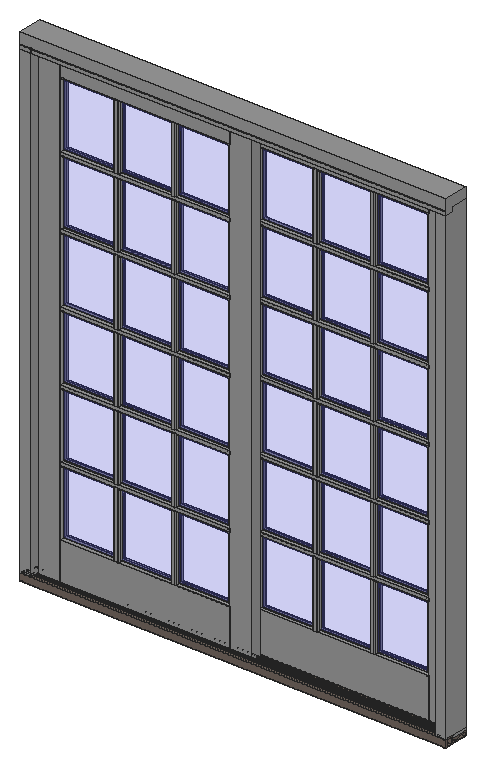
Revit family "VSDA1.8SP RH", category Doors, host Wall, Revit 2015
Parameters (values of type "VSDA1.8SP RH")
  Function = Interior
  Frame Projection Ext. = 25 mm
  Frame Projection Int. = 25 mm
  Frame Width = 75 mm
  Height = 2100 mm
  Wall Closure = By host
  Width = 1820 mm
Reference planes
  plane 1: y = 0
  plane 2 "Center (Left/Right)": x = 0
  plane 3 "Left": x = -910
  plane 4 "Right": x = 910
  plane 5: z = 2100
  plane 6 "Exterior": y = 75
  plane 7 "Interior": y = -75
Forms (mm)
  Extrusion 1, solid, material "Aluminium Cill (Bronze)"
    sketch origin (0, 79.18, -119.746) x (0, 1, 0) y (0, 0, 1)
      loop
        line (-26.68, 120.746) -> (-26.68, 135.746)
        arc (-26.68, 135.746) -> (-27.558, 137.867) -> (-29.68, 138.746) r 3
        line (-29.68, 138.746) -> (-40.947, 138.746)
        arc (-40.947, 138.746) -> (-42.68, 137.746) -> (-44.412, 138.746) r 2
        line (-44.412, 138.746) -> (-48.947, 138.746)
        arc (-48.947, 138.746) -> (-50.68, 137.746) -> (-52.412, 138.746) r 2
        line (-52.412, 138.746) -> (-56.947, 138.746)
        arc (-56.947, 138.746) -> (-58.68, 137.746) -> (-60.412, 138.746) r 2
        line (-60.412, 138.746) -> (-67.18, 138.746) -> (-67.18, 135.246)
        arc (-67.18, 135.246) -> (-67.619, 134.185) -> (-68.68, 133.746) r 1.5
        line (-68.68, 133.746) -> (-73.43, 133.746) -> (-73.43, 135.746) -> (-71.996, 135.746)
        arc (-71.996, 135.746) -> (-74.68, 138.746) -> (-77.363, 135.746) r 2.7
        line (-77.363, 135.746) -> (-75.93, 135.746) -> (-75.93, 133.746) -> (-80.68, 133.746)
        arc (-80.68, 133.746) -> (-81.74, 134.185) -> (-82.18, 135.246) r 1.5
        line (-82.18, 135.246) -> (-82.18, 138.746) -> (-90.432, 138.746) -> (-98.68, 138.746) -> (-98.68, 143.746)
        arc (-98.68, 143.746) -> (-99.18, 144.246) -> (-99.68, 143.746) r 0.5
        line (-99.68, 143.746) -> (-99.68, 142.734) -> (-100.88, 142.734) -> (-100.88, 150.246) -> (-99.68, 150.246) -> (-99.68, 149.246)
        arc (-99.68, 149.246) -> (-99.18, 148.746) -> (-98.68, 149.246) r 0.5
        line (-98.68, 149.246) -> (-98.68, 150.746)
        arc (-98.68, 150.746) -> (-98.972, 151.453) -> (-99.68, 151.746) r 1
        line (-99.68, 151.746) -> (-109.447, 151.746)
        arc (-109.447, 151.746) -> (-111.18, 150.746) -> (-112.912, 151.746) r 2
        line (-112.912, 151.746) -> (-117.447, 151.746)
        arc (-117.447, 151.746) -> (-119.18, 150.746) -> (-120.912, 151.746) r 2
        line (-120.912, 151.746) -> (-130.68, 151.746)
        arc (-130.68, 151.746) -> (-131.387, 151.453) -> (-131.68, 150.746) r 1
        line (-131.68, 150.746) -> (-131.68, 120.746)
        arc (-131.68, 120.746) -> (-131.387, 120.039) -> (-130.68, 119.746) r 1
        line (-130.68, 119.746) -> (-27.68, 119.746)
        arc (-27.68, 119.746) -> (-26.972, 120.039) -> (-26.68, 120.746) r 1
      loop
        line (-29.68, 137.246) -> (-40.23, 137.246)
        arc (-40.23, 137.246) -> (-42.68, 136.246) -> (-45.129, 137.246) r 3.5
        line (-45.129, 137.246) -> (-48.23, 137.246)
        arc (-48.23, 137.246) -> (-50.68, 136.246) -> (-53.129, 137.246) r 3.5
        line (-53.129, 137.246) -> (-56.23, 137.246)
        arc (-56.23, 137.246) -> (-58.68, 136.246) -> (-61.129, 137.246) r 3.5
        line (-61.129, 137.246) -> (-65.68, 137.246) -> (-65.68, 135.246)
        arc (-65.68, 135.246) -> (-66.558, 133.125) -> (-68.68, 132.246) r 3
        line (-68.68, 132.246) -> (-73.93, 132.246) -> (-73.93, 121.246) -> (-28.18, 121.246) -> (-28.18, 135.746)
        arc (-28.18, 135.746) -> (-28.619, 136.807) -> (-29.68, 137.246) r 1.5
      loop
        line (-75.43, 132.246) -> (-80.68, 132.246)
        arc (-80.68, 132.246) -> (-82.801, 133.125) -> (-83.68, 135.246) r 3
        line (-83.68, 135.246) -> (-83.68, 137.246) -> (-98.68, 137.246) -> (-98.68, 121.246) -> (-75.43, 121.246) -> (-75.43, 132.246)
      loop
        line (-100.18, 121.246) -> (-100.18, 141.246) -> (-102.38, 141.246) -> (-102.38, 150.246) -> (-108.73, 150.246)
        arc (-108.73, 150.246) -> (-111.18, 149.246) -> (-113.629, 150.246) r 3.5
        line (-113.629, 150.246) -> (-116.73, 150.246)
        arc (-116.73, 150.246) -> (-119.18, 149.246) -> (-121.629, 150.246) r 3.5
        line (-121.629, 150.246) -> (-130.18, 150.246) -> (-130.18, 121.246) -> (-100.18, 121.246)
    from -910 to 910
  Extrusion 2, solid, material "Lauan, Meranti"
    sketch origin (0, 0, 0) x (0, 1, 0) y (0, 0, 1)
      loop
        line (52.5, 2100) -> (-52.5, 2100) -> (-52.5, 2055) -> (-49.5, 2055) -> (-49.5, 2052) -> (-52.5, 2052) -> (-52.5, 2035) -> (-20.5, 2035) -> (-20.5, 2038.5) -> (-27.5, 2038.5) -> (-27.5, 2041.5) -> (-20.5, 2041.5) -> (-20.5, 2055) -> (32.5, 2055) -> (32.5, 2057) -> (52.5, 2057) -> (52.5, 2100)
    from -910 to 910
  Extrusion 3, solid, material "Lauan, Meranti"
    sketch origin (0, 0, 0) x (1, 0, 0) y (0, 1, 0)
      loop
        line (-910, 52.5) -> (-910, -52.5) -> (-865, -52.5) -> (-865, 32.5) -> (-867, 32.5) -> (-867, 52.5) -> (-910, 52.5)
      loop
        line (910, 52.5) -> (867, 52.5) -> (867, 32.5) -> (865, 32.5) -> (865, -52.5) -> (910, -52.5) -> (910, 52.5)
    from 32 to 2057
  Extrusion 4, solid, material "Lauan, Meranti"
    sketch origin (0, 0, 0) x (1, 0, 0) y (0, 1, 0)
      loop
        line (-845, 32.5) -> (-845, 52.5) -> (-864, 52.5) -> (-864, 49.5) -> (-867, 49.5) -> (-867, 32.5) -> (-851.5, 32.5) -> (-851.5, 39.5) -> (-848.5, 39.5) -> (-848.5, 32.5) -> (-845, 32.5)
    from 2035 to 19
  Extrusion 5, solid, material "Lauan, Meranti"
    sketch origin (0, 0, 0) x (0, 1, 0) y (0, 0, 1)
      loop
        line (52.5, 2054) -> (49.5, 2054) -> (49.5, 2057) -> (32.5, 2057) -> (32.5, 2041.5) -> (39.5, 2041.5) -> (39.5, 2038.5) -> (32.5, 2038.5) -> (32.5, 2035) -> (52.5, 2035) -> (52.5, 2054)
    from -867 to -52.5
  Extrusion 6, solid, material "Lauan, Meranti"
    sketch origin (0, 0, 0) x (1, 0, 0) y (0, 1, 0)
      loop
        line (-910, 52.5) -> (-910, -19.5) -> (-865, -19.5) -> (-865, 32.5) -> (-867, 32.5) -> (-867, 52.5) -> (-910, 52.5)
      loop
        line (910, 52.5) -> (867, 52.5) -> (867, 32.5) -> (865, 32.5) -> (865, -19.5) -> (910, -19.5) -> (910, 52.5)
    from 19 to 32
  Extrusion 7, solid, material "Lauan, Meranti"
    sketch origin (0, 148.121, 19) x (1, 0, 0) y (0, 1, 0)
      loop
        line (-769, -163.621) -> (-769, -161.621)
        arc (-769, -161.621) -> (-764.265, -160.061) -> (-762, -155.621) r 6.549
        line (-762, -155.621) -> (-760, -155.621) -> (-760, -153.621) -> (-769, -153.621) -> (-769, -123.621) -> (-865, -123.621) -> (-865, -163.621) -> (-769, -163.621)
      loop
        line (-43.5, -163.621) -> (52.5, -163.621) -> (52.5, -123.621) -> (-43.5, -123.621) -> (-43.5, -153.621) -> (-52.5, -153.621) -> (-52.5, -155.621) -> (-50.5, -155.621)
        arc (-50.5, -155.621) -> (-48.235, -160.061) -> (-43.5, -161.621) r 6.549
        line (-43.5, -161.621) -> (-43.5, -163.621)
      loop
        line (43.5, -117.121) -> (43.5, -115.121)
        arc (43.5, -115.121) -> (48.235, -113.561) -> (50.5, -109.121) r 6.549
        line (50.5, -109.121) -> (52.5, -109.121) -> (52.5, -107.121) -> (43.5, -107.121) -> (43.5, -77.121) -> (-52.5, -77.121) -> (-52.5, -117.121) -> (43.5, -117.121)
      loop
        line (769, -117.121) -> (865, -117.121) -> (865, -77.121) -> (769, -77.121) -> (769, -107.121) -> (760, -107.121) -> (760, -109.121) -> (762, -109.121)
        arc (762, -109.121) -> (764.265, -113.561) -> (769, -115.121) r 6.549
        line (769, -115.121) -> (769, -117.121)
    from 0 to 2036
  Extrusion 8, solid, material "Lauan, Meranti"
    sketch origin (0, 0, 0) x (0, 1, 0) y (0, 0, 1)
      loop
        line (-15.5, 190) -> (-15.5, 19) -> (24.5, 19) -> (24.5, 190) -> (-5.5, 190) -> (-5.5, 199) -> (-7.5, 199) -> (-7.5, 197)
        arc (-7.5, 197) -> (-11.866, 194.67) -> (-13.5, 190) r 6.807
        line (-13.5, 190) -> (-15.5, 190)
      loop
        line (-7.5, 1952) -> (-7.5, 1950) -> (-5.5, 1950) -> (-5.5, 1959) -> (24.5, 1959) -> (24.5, 2055) -> (-15.5, 2055) -> (-15.5, 1959) -> (-13.5, 1959)
        arc (-13.5, 1959) -> (-11.866, 1954.33) -> (-7.5, 1952) r 6.807
      loop
        line (-15.5, 1675) -> (-15.5, 1662) -> (-13.5, 1662)
        arc (-13.5, 1662) -> (-11.866, 1657.33) -> (-7.5, 1655) r 6.807
        line (-7.5, 1655) -> (-7.5, 1653) -> (-5.5, 1653) -> (-5.5, 1662) -> (24.5, 1662) -> (24.5, 1675) -> (-5.5, 1675) -> (-5.5, 1684) -> (-7.5, 1684) -> (-7.5, 1682)
        arc (-7.5, 1682) -> (-11.866, 1679.67) -> (-13.5, 1675) r 6.807
        line (-13.5, 1675) -> (-15.5, 1675)
      loop
        line (-15.5, 1378) -> (-15.5, 1365) -> (-13.5, 1365)
        arc (-13.5, 1365) -> (-11.866, 1360.33) -> (-7.5, 1358) r 6.807
        line (-7.5, 1358) -> (-7.5, 1356) -> (-5.5, 1356) -> (-5.5, 1365) -> (24.5, 1365) -> (24.5, 1378) -> (-5.5, 1378) -> (-5.5, 1387) -> (-7.5, 1387) -> (-7.5, 1385)
        arc (-7.5, 1385) -> (-11.866, 1382.67) -> (-13.5, 1378) r 6.807
        line (-13.5, 1378) -> (-15.5, 1378)
      loop
        line (-15.5, 1081) -> (-15.5, 1068) -> (-13.5, 1068)
        arc (-13.5, 1068) -> (-11.866, 1063.33) -> (-7.5, 1061) r 6.807
        line (-7.5, 1061) -> (-7.5, 1059) -> (-5.5, 1059) -> (-5.5, 1068) -> (24.5, 1068) -> (24.5, 1081) -> (-5.5, 1081) -> (-5.5, 1090) -> (-7.5, 1090) -> (-7.5, 1088)
        arc (-7.5, 1088) -> (-11.866, 1085.67) -> (-13.5, 1081) r 6.807
        line (-13.5, 1081) -> (-15.5, 1081)
      loop
        line (-15.5, 784) -> (-15.5, 771) -> (-13.5, 771)
        arc (-13.5, 771) -> (-11.866, 766.33) -> (-7.5, 764) r 6.807
        line (-7.5, 764) -> (-7.5, 762) -> (-5.5, 762) -> (-5.5, 771) -> (24.5, 771) -> (24.5, 784) -> (-5.5, 784) -> (-5.5, 793) -> (-7.5, 793) -> (-7.5, 791)
        arc (-7.5, 791) -> (-11.866, 788.67) -> (-13.5, 784) r 6.807
        line (-13.5, 784) -> (-15.5, 784)
      loop
        line (-15.5, 487) -> (-15.5, 474) -> (-13.5, 474)
        arc (-13.5, 474) -> (-11.866, 469.33) -> (-7.5, 467) r 6.807
        line (-7.5, 467) -> (-7.5, 465) -> (-5.5, 465) -> (-5.5, 474) -> (24.5, 474) -> (24.5, 487) -> (-5.5, 487) -> (-5.5, 496) -> (-7.5, 496) -> (-7.5, 494)
        arc (-7.5, 494) -> (-11.866, 491.67) -> (-13.5, 487) r 6.807
        line (-13.5, 487) -> (-15.5, 487)
    from -769 to -43.5
  Extrusion 9, solid, material "Lauan, Meranti"
    sketch origin (1020, 46.5, 0) x (0, 1, 0) y (0, 0, 1)
      loop
        line (-15.5, 190) -> (-15.5, 19) -> (24.5, 19) -> (24.5, 190) -> (-5.5, 190) -> (-5.5, 199) -> (-7.5, 199) -> (-7.5, 197)
        arc (-7.5, 197) -> (-11.866, 194.67) -> (-13.5, 190) r 6.807
        line (-13.5, 190) -> (-15.5, 190)
      loop
        line (-7.5, 1952) -> (-7.5, 1950) -> (-5.5, 1950) -> (-5.5, 1959) -> (24.5, 1959) -> (24.5, 2055) -> (-15.5, 2055) -> (-15.5, 1959) -> (-13.5, 1959)
        arc (-13.5, 1959) -> (-11.866, 1954.33) -> (-7.5, 1952) r 6.807
      loop
        line (-15.5, 1675) -> (-15.5, 1662) -> (-13.5, 1662)
        arc (-13.5, 1662) -> (-11.866, 1657.33) -> (-7.5, 1655) r 6.807
        line (-7.5, 1655) -> (-7.5, 1653) -> (-5.5, 1653) -> (-5.5, 1662) -> (24.5, 1662) -> (24.5, 1675) -> (-5.5, 1675) -> (-5.5, 1684) -> (-7.5, 1684) -> (-7.5, 1682)
        arc (-7.5, 1682) -> (-11.866, 1679.67) -> (-13.5, 1675) r 6.807
        line (-13.5, 1675) -> (-15.5, 1675)
      loop
        line (-15.5, 1378) -> (-15.5, 1365) -> (-13.5, 1365)
        arc (-13.5, 1365) -> (-11.866, 1360.33) -> (-7.5, 1358) r 6.807
        line (-7.5, 1358) -> (-7.5, 1356) -> (-5.5, 1356) -> (-5.5, 1365) -> (24.5, 1365) -> (24.5, 1378) -> (-5.5, 1378) -> (-5.5, 1387) -> (-7.5, 1387) -> (-7.5, 1385)
        arc (-7.5, 1385) -> (-11.866, 1382.67) -> (-13.5, 1378) r 6.807
        line (-13.5, 1378) -> (-15.5, 1378)
      loop
        line (-15.5, 1081) -> (-15.5, 1068) -> (-13.5, 1068)
        arc (-13.5, 1068) -> (-11.866, 1063.33) -> (-7.5, 1061) r 6.807
        line (-7.5, 1061) -> (-7.5, 1059) -> (-5.5, 1059) -> (-5.5, 1068) -> (24.5, 1068) -> (24.5, 1081) -> (-5.5, 1081) -> (-5.5, 1090) -> (-7.5, 1090) -> (-7.5, 1088)
        arc (-7.5, 1088) -> (-11.866, 1085.67) -> (-13.5, 1081) r 6.807
        line (-13.5, 1081) -> (-15.5, 1081)
      loop
        line (-15.5, 784) -> (-15.5, 771) -> (-13.5, 771)
        arc (-13.5, 771) -> (-11.866, 766.33) -> (-7.5, 764) r 6.807
        line (-7.5, 764) -> (-7.5, 762) -> (-5.5, 762) -> (-5.5, 771) -> (24.5, 771) -> (24.5, 784) -> (-5.5, 784) -> (-5.5, 793) -> (-7.5, 793) -> (-7.5, 791)
        arc (-7.5, 791) -> (-11.866, 788.67) -> (-13.5, 784) r 6.807
        line (-13.5, 784) -> (-15.5, 784)
      loop
        line (-15.5, 487) -> (-15.5, 474) -> (-13.5, 474)
        arc (-13.5, 474) -> (-11.866, 469.33) -> (-7.5, 467) r 6.807
        line (-7.5, 467) -> (-7.5, 465) -> (-5.5, 465) -> (-5.5, 474) -> (24.5, 474) -> (24.5, 487) -> (-5.5, 487) -> (-5.5, 496) -> (-7.5, 496) -> (-7.5, 494)
        arc (-7.5, 494) -> (-11.866, 491.67) -> (-13.5, 487) r 6.807
        line (-13.5, 487) -> (-15.5, 487)
    from -976.5 to -251
  Sweep 10, solid, material "Lauan, Meranti"
    path origin (255.605, -75, -781.763) x (1, 0, 0) y (0, 0, 1)
      loop
        line (280.228, 2740.763) -> (280.228, 2456.763) -> (513.395, 2456.763) -> (513.395, 2740.763) -> (280.228, 2740.763)
    profile origin (652.417, -75, 1959) x (0, 0, 1) y (0, -1, 0)
      loop
        line (-9, -124.5) -> (-9, -126.5) -> (-7, -126.5)
        arc (-7, -126.5) -> (-4.67, -130.866) -> (0, -132.5) r 6.807
        line (0, -132.5) -> (0, -124.5) -> (-9, -124.5)
  Extrusion 11, solid, material "Glass"
    sketch origin (528.125, -64.05, -73.649) x (1, 0, 0) y (0, 0, 1)
      loop
        line (240.865, 2032.637) -> (7.708, 2032.637) -> (7.708, 1748.649) -> (240.865, 1748.649) -> (240.865, 2032.637)
      loop
        line (-5.292, 2032.649) -> (-238.458, 2032.649) -> (-238.458, 1748.649) -> (-5.292, 1748.649) -> (-5.292, 2032.649)
      loop
        line (-251.458, 2032.649) -> (-484.625, 2032.649) -> (-484.625, 1748.649) -> (-251.458, 1748.649) -> (-251.458, 2032.649)
      loop
        line (240.865, 1735.637) -> (7.708, 1735.637) -> (7.708, 1451.649) -> (240.865, 1451.649) -> (240.865, 1735.637)
      loop
        line (-5.292, 1735.649) -> (-238.458, 1735.649) -> (-238.458, 1451.649) -> (-5.292, 1451.649) -> (-5.292, 1735.649)
      loop
        line (-251.458, 1735.649) -> (-484.625, 1735.649) -> (-484.625, 1451.649) -> (-251.458, 1451.649) -> (-251.458, 1735.649)
      loop
        line (240.865, 1438.637) -> (7.708, 1438.637) -> (7.708, 1154.649) -> (240.865, 1154.649) -> (240.865, 1438.637)
      loop
        line (-5.292, 1438.649) -> (-238.458, 1438.649) -> (-238.458, 1154.649) -> (-5.292, 1154.649) -> (-5.292, 1438.649)
      loop
        line (-251.458, 1438.649) -> (-484.625, 1438.649) -> (-484.625, 1154.649) -> (-251.458, 1154.649) -> (-251.458, 1438.649)
      loop
        line (240.865, 1141.637) -> (7.708, 1141.637) -> (7.708, 857.649) -> (240.865, 857.649) -> (240.865, 1141.637)
      loop
        line (-5.292, 1141.649) -> (-238.458, 1141.649) -> (-238.458, 857.649) -> (-5.292, 857.649) -> (-5.292, 1141.649)
      loop
        line (-251.458, 1141.649) -> (-484.625, 1141.649) -> (-484.625, 857.649) -> (-251.458, 857.649) -> (-251.458, 1141.649)
      loop
        line (240.865, 844.637) -> (7.708, 844.637) -> (7.708, 560.649) -> (240.865, 560.649) -> (240.865, 844.637)
      loop
        line (-5.292, 844.649) -> (-238.458, 844.649) -> (-238.458, 560.649) -> (-5.292, 560.649) -> (-5.292, 844.649)
      loop
        line (-251.458, 844.649) -> (-484.625, 844.649) -> (-484.625, 560.649) -> (-251.458, 560.649) -> (-251.458, 844.649)
      loop
        line (240.865, 547.637) -> (7.708, 547.637) -> (7.708, 263.649) -> (240.865, 263.649) -> (240.865, 547.637)
      loop
        line (-5.292, 547.649) -> (-238.458, 547.649) -> (-238.458, 263.649) -> (-5.292, 263.649) -> (-5.292, 547.649)
      loop
        line (-251.458, 547.649) -> (-484.625, 547.649) -> (-484.625, 263.649) -> (-251.458, 263.649) -> (-251.458, 547.649)
    from -112.5 to -106.1
  Extrusion 12, solid, material "Lauan, Meranti"
    sketch origin (0, 0, 0) x (1, 0, 0) y (0, 1, 0)
      loop
        line (522.833, 31) -> (535.833, 31) -> (535.833, 33)
        arc (535.833, 33) -> (540.504, 34.634) -> (542.833, 39) r 6.807
        line (542.833, 39) -> (544.833, 39) -> (544.833, 41) -> (535.833, 41) -> (535.833, 71) -> (522.833, 71) -> (522.833, 41) -> (513.833, 41) -> (513.833, 39) -> (515.833, 39)
        arc (515.833, 39) -> (518.163, 34.634) -> (522.833, 33) r 6.807
        line (522.833, 33) -> (522.833, 31)
      loop
        line (289.667, 31) -> (289.667, 33)
        arc (289.667, 33) -> (294.337, 34.634) -> (296.667, 39) r 6.807
        line (296.667, 39) -> (298.667, 39) -> (298.667, 41) -> (289.667, 41) -> (289.667, 71) -> (276.667, 71) -> (276.667, 41) -> (267.667, 41) -> (267.667, 39) -> (269.667, 39)
        arc (269.667, 39) -> (271.996, 34.634) -> (276.667, 33) r 6.807
        line (276.667, 33) -> (276.667, 31) -> (289.667, 31)
    from 1675 to 1959
  Extrusion 13, solid, material "Lauan, Meranti"
    sketch origin (0, 0, -297) x (1, 0, 0) y (0, 1, 0)
      loop
        line (522.833, 31) -> (535.833, 31) -> (535.833, 33)
        arc (535.833, 33) -> (540.504, 34.634) -> (542.833, 39) r 6.807
        line (542.833, 39) -> (544.833, 39) -> (544.833, 41) -> (535.833, 41) -> (535.833, 71) -> (522.833, 71) -> (522.833, 41) -> (513.833, 41) -> (513.833, 39) -> (515.833, 39)
        arc (515.833, 39) -> (518.163, 34.634) -> (522.833, 33) r 6.807
        line (522.833, 33) -> (522.833, 31)
      loop
        line (289.667, 31) -> (289.667, 33)
        arc (289.667, 33) -> (294.337, 34.634) -> (296.667, 39) r 6.807
        line (296.667, 39) -> (298.667, 39) -> (298.667, 41) -> (289.667, 41) -> (289.667, 71) -> (276.667, 71) -> (276.667, 41) -> (267.667, 41) -> (267.667, 39) -> (269.667, 39)
        arc (269.667, 39) -> (271.996, 34.634) -> (276.667, 33) r 6.807
        line (276.667, 33) -> (276.667, 31) -> (289.667, 31)
    from 1675 to 1959
  Extrusion 14, solid, material "Lauan, Meranti"
    sketch origin (0, 0, -594) x (1, 0, 0) y (0, 1, 0)
      loop
        line (522.833, 31) -> (535.833, 31) -> (535.833, 33)
        arc (535.833, 33) -> (540.504, 34.634) -> (542.833, 39) r 6.807
        line (542.833, 39) -> (544.833, 39) -> (544.833, 41) -> (535.833, 41) -> (535.833, 71) -> (522.833, 71) -> (522.833, 41) -> (513.833, 41) -> (513.833, 39) -> (515.833, 39)
        arc (515.833, 39) -> (518.163, 34.634) -> (522.833, 33) r 6.807
        line (522.833, 33) -> (522.833, 31)
      loop
        line (289.667, 31) -> (289.667, 33)
        arc (289.667, 33) -> (294.337, 34.634) -> (296.667, 39) r 6.807
        line (296.667, 39) -> (298.667, 39) -> (298.667, 41) -> (289.667, 41) -> (289.667, 71) -> (276.667, 71) -> (276.667, 41) -> (267.667, 41) -> (267.667, 39) -> (269.667, 39)
        arc (269.667, 39) -> (271.996, 34.634) -> (276.667, 33) r 6.807
        line (276.667, 33) -> (276.667, 31) -> (289.667, 31)
    from 1675 to 1959
  Extrusion 15, solid, material "Lauan, Meranti"
    sketch origin (0, 0, -891) x (1, 0, 0) y (0, 1, 0)
      loop
        line (522.833, 31) -> (535.833, 31) -> (535.833, 33)
        arc (535.833, 33) -> (540.504, 34.634) -> (542.833, 39) r 6.807
        line (542.833, 39) -> (544.833, 39) -> (544.833, 41) -> (535.833, 41) -> (535.833, 71) -> (522.833, 71) -> (522.833, 41) -> (513.833, 41) -> (513.833, 39) -> (515.833, 39)
        arc (515.833, 39) -> (518.163, 34.634) -> (522.833, 33) r 6.807
        line (522.833, 33) -> (522.833, 31)
      loop
        line (289.667, 31) -> (289.667, 33)
        arc (289.667, 33) -> (294.337, 34.634) -> (296.667, 39) r 6.807
        line (296.667, 39) -> (298.667, 39) -> (298.667, 41) -> (289.667, 41) -> (289.667, 71) -> (276.667, 71) -> (276.667, 41) -> (267.667, 41) -> (267.667, 39) -> (269.667, 39)
        arc (269.667, 39) -> (271.996, 34.634) -> (276.667, 33) r 6.807
        line (276.667, 33) -> (276.667, 31) -> (289.667, 31)
    from 1675 to 1959
  Extrusion 16, solid, material "Lauan, Meranti"
    sketch origin (0, 0, -1188) x (1, 0, 0) y (0, 1, 0)
      loop
        line (522.833, 31) -> (535.833, 31) -> (535.833, 33)
        arc (535.833, 33) -> (540.504, 34.634) -> (542.833, 39) r 6.807
        line (542.833, 39) -> (544.833, 39) -> (544.833, 41) -> (535.833, 41) -> (535.833, 71) -> (522.833, 71) -> (522.833, 41) -> (513.833, 41) -> (513.833, 39) -> (515.833, 39)
        arc (515.833, 39) -> (518.163, 34.634) -> (522.833, 33) r 6.807
        line (522.833, 33) -> (522.833, 31)
      loop
        line (289.667, 31) -> (289.667, 33)
        arc (289.667, 33) -> (294.337, 34.634) -> (296.667, 39) r 6.807
        line (296.667, 39) -> (298.667, 39) -> (298.667, 41) -> (289.667, 41) -> (289.667, 71) -> (276.667, 71) -> (276.667, 41) -> (267.667, 41) -> (267.667, 39) -> (269.667, 39)
        arc (269.667, 39) -> (271.996, 34.634) -> (276.667, 33) r 6.807
        line (276.667, 33) -> (276.667, 31) -> (289.667, 31)
    from 1675 to 1959
  Extrusion 17, solid, material "Lauan, Meranti"
    sketch origin (0, 0, -1485) x (1, 0, 0) y (0, 1, 0)
      loop
        line (522.833, 31) -> (535.833, 31) -> (535.833, 33)
        arc (535.833, 33) -> (540.504, 34.634) -> (542.833, 39) r 6.807
        line (542.833, 39) -> (544.833, 39) -> (544.833, 41) -> (535.833, 41) -> (535.833, 71) -> (522.833, 71) -> (522.833, 41) -> (513.833, 41) -> (513.833, 39) -> (515.833, 39)
        arc (515.833, 39) -> (518.163, 34.634) -> (522.833, 33) r 6.807
        line (522.833, 33) -> (522.833, 31)
      loop
        line (289.667, 31) -> (289.667, 33)
        arc (289.667, 33) -> (294.337, 34.634) -> (296.667, 39) r 6.807
        line (296.667, 39) -> (298.667, 39) -> (298.667, 41) -> (289.667, 41) -> (289.667, 71) -> (276.667, 71) -> (276.667, 41) -> (267.667, 41) -> (267.667, 39) -> (269.667, 39)
        arc (269.667, 39) -> (271.996, 34.634) -> (276.667, 33) r 6.807
        line (276.667, 33) -> (276.667, 31) -> (289.667, 31)
    from 1675 to 1959
  Sweep 18, solid, material "Lauan, Meranti"
    path origin (9.439, -75, -781.763) x (1, 0, 0) y (0, 0, 1)
      loop
        line (280.228, 2740.763) -> (280.228, 2456.763) -> (513.395, 2456.763) -> (513.395, 2740.763) -> (280.228, 2740.763)
    profile origin (406.25, -75, 1959) x (0, 0, 1) y (0, -1, 0)
      loop
        line (-9, -124.5) -> (-9, -126.5) -> (-7, -126.5)
        arc (-7, -126.5) -> (-4.67, -130.866) -> (0, -132.5) r 6.807
        line (0, -132.5) -> (0, -124.5) -> (-9, -124.5)
  Sweep 19, solid, material "Lauan, Meranti"
    path origin (-236.728, -75, -781.763) x (1, 0, 0) y (0, 0, 1)
      loop
        line (280.228, 2740.763) -> (280.228, 2456.763) -> (513.395, 2456.763) -> (513.395, 2740.763) -> (280.228, 2740.763)
    profile origin (160.083, -75, 1959) x (0, 0, 1) y (0, -1, 0)
      loop
        line (-9, -124.5) -> (-9, -126.5) -> (-7, -126.5)
        arc (-7, -126.5) -> (-4.67, -130.866) -> (0, -132.5) r 6.807
        line (0, -132.5) -> (0, -124.5) -> (-9, -124.5)
  Sweep 20, solid, material "Lauan, Meranti"
    path origin (255.605, -75, -1078.763) x (1, 0, 0) y (0, 0, 1)
      loop
        line (280.228, 2740.763) -> (280.228, 2456.763) -> (513.395, 2456.763) -> (513.395, 2740.763) -> (280.228, 2740.763)
    profile origin (652.417, -75, 1662) x (0, 0, 1) y (0, -1, 0)
      loop
        line (-9, -124.5) -> (-9, -126.5) -> (-7, -126.5)
        arc (-7, -126.5) -> (-4.67, -130.866) -> (0, -132.5) r 6.807
        line (0, -132.5) -> (0, -124.5) -> (-9, -124.5)
  Sweep 21, solid, material "Lauan, Meranti"
    path origin (9.439, -75, -1078.763) x (1, 0, 0) y (0, 0, 1)
      loop
        line (280.228, 2740.763) -> (280.228, 2456.763) -> (513.395, 2456.763) -> (513.395, 2740.763) -> (280.228, 2740.763)
    profile origin (406.25, -75, 1662) x (0, 0, 1) y (0, -1, 0)
      loop
        line (-9, -124.5) -> (-9, -126.5) -> (-7, -126.5)
        arc (-7, -126.5) -> (-4.67, -130.866) -> (0, -132.5) r 6.807
        line (0, -132.5) -> (0, -124.5) -> (-9, -124.5)
  Sweep 22, solid, material "Lauan, Meranti"
    path origin (-236.728, -75, -1078.763) x (1, 0, 0) y (0, 0, 1)
      loop
        line (280.228, 2740.763) -> (280.228, 2456.763) -> (513.395, 2456.763) -> (513.395, 2740.763) -> (280.228, 2740.763)
    profile origin (160.083, -75, 1662) x (0, 0, 1) y (0, -1, 0)
      loop
        line (-9, -124.5) -> (-9, -126.5) -> (-7, -126.5)
        arc (-7, -126.5) -> (-4.67, -130.866) -> (0, -132.5) r 6.807
        line (0, -132.5) -> (0, -124.5) -> (-9, -124.5)
  Sweep 23, solid, material "Lauan, Meranti"
    path origin (255.605, -75, -1375.763) x (1, 0, 0) y (0, 0, 1)
      loop
        line (280.228, 2740.763) -> (280.228, 2456.763) -> (513.395, 2456.763) -> (513.395, 2740.763) -> (280.228, 2740.763)
    profile origin (652.417, -75, 1365) x (0, 0, 1) y (0, -1, 0)
      loop
        line (-9, -124.5) -> (-9, -126.5) -> (-7, -126.5)
        arc (-7, -126.5) -> (-4.67, -130.866) -> (0, -132.5) r 6.807
        line (0, -132.5) -> (0, -124.5) -> (-9, -124.5)
  Sweep 24, solid, material "Lauan, Meranti"
    path origin (9.439, -75, -1375.763) x (1, 0, 0) y (0, 0, 1)
      loop
        line (280.228, 2740.763) -> (280.228, 2456.763) -> (513.395, 2456.763) -> (513.395, 2740.763) -> (280.228, 2740.763)
    profile origin (406.25, -75, 1365) x (0, 0, 1) y (0, -1, 0)
      loop
        line (-9, -124.5) -> (-9, -126.5) -> (-7, -126.5)
        arc (-7, -126.5) -> (-4.67, -130.866) -> (0, -132.5) r 6.807
        line (0, -132.5) -> (0, -124.5) -> (-9, -124.5)
  Sweep 25, solid, material "Lauan, Meranti"
    path origin (-236.728, -75, -1375.763) x (1, 0, 0) y (0, 0, 1)
      loop
        line (280.228, 2740.763) -> (280.228, 2456.763) -> (513.395, 2456.763) -> (513.395, 2740.763) -> (280.228, 2740.763)
    profile origin (160.083, -75, 1365) x (0, 0, 1) y (0, -1, 0)
      loop
        line (-9, -124.5) -> (-9, -126.5) -> (-7, -126.5)
        arc (-7, -126.5) -> (-4.67, -130.866) -> (0, -132.5) r 6.807
        line (0, -132.5) -> (0, -124.5) -> (-9, -124.5)
  Sweep 26, solid, material "Lauan, Meranti"
    path origin (255.605, -75, -1672.763) x (1, 0, 0) y (0, 0, 1)
      loop
        line (280.228, 2740.763) -> (280.228, 2456.763) -> (513.395, 2456.763) -> (513.395, 2740.763) -> (280.228, 2740.763)
    profile origin (652.417, -75, 1068) x (0, 0, 1) y (0, -1, 0)
      loop
        line (-9, -124.5) -> (-9, -126.5) -> (-7, -126.5)
        arc (-7, -126.5) -> (-4.67, -130.866) -> (0, -132.5) r 6.807
        line (0, -132.5) -> (0, -124.5) -> (-9, -124.5)
  Sweep 27, solid, material "Lauan, Meranti"
    path origin (9.439, -75, -1672.763) x (1, 0, 0) y (0, 0, 1)
      loop
        line (280.228, 2740.763) -> (280.228, 2456.763) -> (513.395, 2456.763) -> (513.395, 2740.763) -> (280.228, 2740.763)
    profile origin (406.25, -75, 1068) x (0, 0, 1) y (0, -1, 0)
      loop
        line (-9, -124.5) -> (-9, -126.5) -> (-7, -126.5)
        arc (-7, -126.5) -> (-4.67, -130.866) -> (0, -132.5) r 6.807
        line (0, -132.5) -> (0, -124.5) -> (-9, -124.5)
  Sweep 28, solid, material "Lauan, Meranti"
    path origin (-236.728, -75, -1672.763) x (1, 0, 0) y (0, 0, 1)
      loop
        line (280.228, 2740.763) -> (280.228, 2456.763) -> (513.395, 2456.763) -> (513.395, 2740.763) -> (280.228, 2740.763)
    profile origin (160.083, -75, 1068) x (0, 0, 1) y (0, -1, 0)
      loop
        line (-9, -124.5) -> (-9, -126.5) -> (-7, -126.5)
        arc (-7, -126.5) -> (-4.67, -130.866) -> (0, -132.5) r 6.807
        line (0, -132.5) -> (0, -124.5) -> (-9, -124.5)
  Sweep 29, solid, material "Lauan, Meranti"
    path origin (255.605, -75, -1969.763) x (1, 0, 0) y (0, 0, 1)
      loop
        line (280.228, 2740.763) -> (280.228, 2456.763) -> (513.395, 2456.763) -> (513.395, 2740.763) -> (280.228, 2740.763)
    profile origin (652.417, -75, 771) x (0, 0, 1) y (0, -1, 0)
      loop
        line (-9, -124.5) -> (-9, -126.5) -> (-7, -126.5)
        arc (-7, -126.5) -> (-4.67, -130.866) -> (0, -132.5) r 6.807
        line (0, -132.5) -> (0, -124.5) -> (-9, -124.5)
  Sweep 30, solid, material "Lauan, Meranti"
    path origin (9.439, -75, -1969.763) x (1, 0, 0) y (0, 0, 1)
      loop
        line (280.228, 2740.763) -> (280.228, 2456.763) -> (513.395, 2456.763) -> (513.395, 2740.763) -> (280.228, 2740.763)
    profile origin (406.25, -75, 771) x (0, 0, 1) y (0, -1, 0)
      loop
        line (-9, -124.5) -> (-9, -126.5) -> (-7, -126.5)
        arc (-7, -126.5) -> (-4.67, -130.866) -> (0, -132.5) r 6.807
        line (0, -132.5) -> (0, -124.5) -> (-9, -124.5)
  Sweep 31, solid, material "Lauan, Meranti"
    path origin (-236.728, -75, -1969.763) x (1, 0, 0) y (0, 0, 1)
      loop
        line (280.228, 2740.763) -> (280.228, 2456.763) -> (513.395, 2456.763) -> (513.395, 2740.763) -> (280.228, 2740.763)
    profile origin (160.083, -75, 771) x (0, 0, 1) y (0, -1, 0)
      loop
        line (-9, -124.5) -> (-9, -126.5) -> (-7, -126.5)
        arc (-7, -126.5) -> (-4.67, -130.866) -> (0, -132.5) r 6.807
        line (0, -132.5) -> (0, -124.5) -> (-9, -124.5)
  Sweep 32, solid, material "Lauan, Meranti"
    path origin (255.605, -75, -2266.763) x (1, 0, 0) y (0, 0, 1)
      loop
        line (280.228, 2740.763) -> (280.228, 2456.763) -> (513.395, 2456.763) -> (513.395, 2740.763) -> (280.228, 2740.763)
    profile origin (652.417, -75, 474) x (0, 0, 1) y (0, -1, 0)
      loop
        line (-9, -124.5) -> (-9, -126.5) -> (-7, -126.5)
        arc (-7, -126.5) -> (-4.67, -130.866) -> (0, -132.5) r 6.807
        line (0, -132.5) -> (0, -124.5) -> (-9, -124.5)
  Sweep 33, solid, material "Lauan, Meranti"
    path origin (9.439, -75, -2266.763) x (1, 0, 0) y (0, 0, 1)
      loop
        line (280.228, 2740.763) -> (280.228, 2456.763) -> (513.395, 2456.763) -> (513.395, 2740.763) -> (280.228, 2740.763)
    profile origin (406.25, -75, 474) x (0, 0, 1) y (0, -1, 0)
      loop
        line (-9, -124.5) -> (-9, -126.5) -> (-7, -126.5)
        arc (-7, -126.5) -> (-4.67, -130.866) -> (0, -132.5) r 6.807
        line (0, -132.5) -> (0, -124.5) -> (-9, -124.5)
  Sweep 34, solid, material "Lauan, Meranti"
    path origin (-236.728, -75, -2266.763) x (1, 0, 0) y (0, 0, 1)
      loop
        line (280.228, 2740.763) -> (280.228, 2456.763) -> (513.395, 2456.763) -> (513.395, 2740.763) -> (280.228, 2740.763)
    profile origin (160.083, -75, 474) x (0, 0, 1) y (0, -1, 0)
      loop
        line (-9, -124.5) -> (-9, -126.5) -> (-7, -126.5)
        arc (-7, -126.5) -> (-4.67, -130.866) -> (0, -132.5) r 6.807
        line (0, -132.5) -> (0, -124.5) -> (-9, -124.5)
  Sweep 35, solid, material "Lauan, Meranti"
    path origin (-556.895, -121.5, -781.763) x (1, 0, 0) y (0, 0, 1)
      loop
        line (280.228, 2740.763) -> (280.228, 2456.763) -> (513.395, 2456.763) -> (513.395, 2740.763) -> (280.228, 2740.763)
    profile origin (-160.083, -121.5, 1959) x (0, 0, 1) y (0, -1, 0)
      loop
        line (-9, -124.5) -> (-9, -126.5) -> (-7, -126.5)
        arc (-7, -126.5) -> (-4.67, -130.866) -> (0, -132.5) r 6.807
        line (0, -132.5) -> (0, -124.5) -> (-9, -124.5)
  Extrusion 36, solid, material "Glass"
    sketch origin (-284.375, -110.55, -73.649) x (1, 0, 0) y (0, 0, 1)
      loop
        line (240.865, 2032.637) -> (7.708, 2032.637) -> (7.708, 1748.649) -> (240.865, 1748.649) -> (240.865, 2032.637)
      loop
        line (-5.292, 2032.649) -> (-238.458, 2032.649) -> (-238.458, 1748.649) -> (-5.292, 1748.649) -> (-5.292, 2032.649)
      loop
        line (-251.458, 2032.649) -> (-484.625, 2032.649) -> (-484.625, 1748.649) -> (-251.458, 1748.649) -> (-251.458, 2032.649)
      loop
        line (240.865, 1735.637) -> (7.708, 1735.637) -> (7.708, 1451.649) -> (240.865, 1451.649) -> (240.865, 1735.637)
      loop
        line (-5.292, 1735.649) -> (-238.458, 1735.649) -> (-238.458, 1451.649) -> (-5.292, 1451.649) -> (-5.292, 1735.649)
      loop
        line (-251.458, 1735.649) -> (-484.625, 1735.649) -> (-484.625, 1451.649) -> (-251.458, 1451.649) -> (-251.458, 1735.649)
      loop
        line (240.865, 1438.637) -> (7.708, 1438.637) -> (7.708, 1154.649) -> (240.865, 1154.649) -> (240.865, 1438.637)
      loop
        line (-5.292, 1438.649) -> (-238.458, 1438.649) -> (-238.458, 1154.649) -> (-5.292, 1154.649) -> (-5.292, 1438.649)
      loop
        line (-251.458, 1438.649) -> (-484.625, 1438.649) -> (-484.625, 1154.649) -> (-251.458, 1154.649) -> (-251.458, 1438.649)
      loop
        line (240.865, 1141.637) -> (7.708, 1141.637) -> (7.708, 857.649) -> (240.865, 857.649) -> (240.865, 1141.637)
      loop
        line (-5.292, 1141.649) -> (-238.458, 1141.649) -> (-238.458, 857.649) -> (-5.292, 857.649) -> (-5.292, 1141.649)
      loop
        line (-251.458, 1141.649) -> (-484.625, 1141.649) -> (-484.625, 857.649) -> (-251.458, 857.649) -> (-251.458, 1141.649)
      loop
        line (240.865, 844.637) -> (7.708, 844.637) -> (7.708, 560.649) -> (240.865, 560.649) -> (240.865, 844.637)
      loop
        line (-5.292, 844.649) -> (-238.458, 844.649) -> (-238.458, 560.649) -> (-5.292, 560.649) -> (-5.292, 844.649)
      loop
        line (-251.458, 844.649) -> (-484.625, 844.649) -> (-484.625, 560.649) -> (-251.458, 560.649) -> (-251.458, 844.649)
      loop
        line (240.865, 547.637) -> (7.708, 547.637) -> (7.708, 263.649) -> (240.865, 263.649) -> (240.865, 547.637)
      loop
        line (-5.292, 547.649) -> (-238.458, 547.649) -> (-238.458, 263.649) -> (-5.292, 263.649) -> (-5.292, 547.649)
      loop
        line (-251.458, 547.649) -> (-484.625, 547.649) -> (-484.625, 263.649) -> (-251.458, 263.649) -> (-251.458, 547.649)
    from -112.5 to -106.1
  Extrusion 37, solid, material "Lauan, Meranti"
    sketch origin (-812.5, -46.5, 0) x (1, 0, 0) y (0, 1, 0)
      loop
        line (522.833, 31) -> (535.833, 31) -> (535.833, 33)
        arc (535.833, 33) -> (540.504, 34.634) -> (542.833, 39) r 6.807
        line (542.833, 39) -> (544.833, 39) -> (544.833, 41) -> (535.833, 41) -> (535.833, 71) -> (522.833, 71) -> (522.833, 41) -> (513.833, 41) -> (513.833, 39) -> (515.833, 39)
        arc (515.833, 39) -> (518.163, 34.634) -> (522.833, 33) r 6.807
        line (522.833, 33) -> (522.833, 31)
      loop
        line (289.667, 31) -> (289.667, 33)
        arc (289.667, 33) -> (294.337, 34.634) -> (296.667, 39) r 6.807
        line (296.667, 39) -> (298.667, 39) -> (298.667, 41) -> (289.667, 41) -> (289.667, 71) -> (276.667, 71) -> (276.667, 41) -> (267.667, 41) -> (267.667, 39) -> (269.667, 39)
        arc (269.667, 39) -> (271.996, 34.634) -> (276.667, 33) r 6.807
        line (276.667, 33) -> (276.667, 31) -> (289.667, 31)
    from 1675 to 1959
  Extrusion 38, solid, material "Lauan, Meranti"
    sketch origin (-812.5, -46.5, -297) x (1, 0, 0) y (0, 1, 0)
      loop
        line (522.833, 31) -> (535.833, 31) -> (535.833, 33)
        arc (535.833, 33) -> (540.504, 34.634) -> (542.833, 39) r 6.807
        line (542.833, 39) -> (544.833, 39) -> (544.833, 41) -> (535.833, 41) -> (535.833, 71) -> (522.833, 71) -> (522.833, 41) -> (513.833, 41) -> (513.833, 39) -> (515.833, 39)
        arc (515.833, 39) -> (518.163, 34.634) -> (522.833, 33) r 6.807
        line (522.833, 33) -> (522.833, 31)
      loop
        line (289.667, 31) -> (289.667, 33)
        arc (289.667, 33) -> (294.337, 34.634) -> (296.667, 39) r 6.807
        line (296.667, 39) -> (298.667, 39) -> (298.667, 41) -> (289.667, 41) -> (289.667, 71) -> (276.667, 71) -> (276.667, 41) -> (267.667, 41) -> (267.667, 39) -> (269.667, 39)
        arc (269.667, 39) -> (271.996, 34.634) -> (276.667, 33) r 6.807
        line (276.667, 33) -> (276.667, 31) -> (289.667, 31)
    from 1675 to 1959
  Extrusion 39, solid, material "Lauan, Meranti"
    sketch origin (-812.5, -46.5, -594) x (1, 0, 0) y (0, 1, 0)
      loop
        line (522.833, 31) -> (535.833, 31) -> (535.833, 33)
        arc (535.833, 33) -> (540.504, 34.634) -> (542.833, 39) r 6.807
        line (542.833, 39) -> (544.833, 39) -> (544.833, 41) -> (535.833, 41) -> (535.833, 71) -> (522.833, 71) -> (522.833, 41) -> (513.833, 41) -> (513.833, 39) -> (515.833, 39)
        arc (515.833, 39) -> (518.163, 34.634) -> (522.833, 33) r 6.807
        line (522.833, 33) -> (522.833, 31)
      loop
        line (289.667, 31) -> (289.667, 33)
        arc (289.667, 33) -> (294.337, 34.634) -> (296.667, 39) r 6.807
        line (296.667, 39) -> (298.667, 39) -> (298.667, 41) -> (289.667, 41) -> (289.667, 71) -> (276.667, 71) -> (276.667, 41) -> (267.667, 41) -> (267.667, 39) -> (269.667, 39)
        arc (269.667, 39) -> (271.996, 34.634) -> (276.667, 33) r 6.807
        line (276.667, 33) -> (276.667, 31) -> (289.667, 31)
    from 1675 to 1959
  Extrusion 40, solid, material "Lauan, Meranti"
    sketch origin (-812.5, -46.5, -891) x (1, 0, 0) y (0, 1, 0)
      loop
        line (522.833, 31) -> (535.833, 31) -> (535.833, 33)
        arc (535.833, 33) -> (540.504, 34.634) -> (542.833, 39) r 6.807
        line (542.833, 39) -> (544.833, 39) -> (544.833, 41) -> (535.833, 41) -> (535.833, 71) -> (522.833, 71) -> (522.833, 41) -> (513.833, 41) -> (513.833, 39) -> (515.833, 39)
        arc (515.833, 39) -> (518.163, 34.634) -> (522.833, 33) r 6.807
        line (522.833, 33) -> (522.833, 31)
      loop
        line (289.667, 31) -> (289.667, 33)
        arc (289.667, 33) -> (294.337, 34.634) -> (296.667, 39) r 6.807
        line (296.667, 39) -> (298.667, 39) -> (298.667, 41) -> (289.667, 41) -> (289.667, 71) -> (276.667, 71) -> (276.667, 41) -> (267.667, 41) -> (267.667, 39) -> (269.667, 39)
        arc (269.667, 39) -> (271.996, 34.634) -> (276.667, 33) r 6.807
        line (276.667, 33) -> (276.667, 31) -> (289.667, 31)
    from 1675 to 1959
  Extrusion 41, solid, material "Lauan, Meranti"
    sketch origin (-812.5, -46.5, -1188) x (1, 0, 0) y (0, 1, 0)
      loop
        line (522.833, 31) -> (535.833, 31) -> (535.833, 33)
        arc (535.833, 33) -> (540.504, 34.634) -> (542.833, 39) r 6.807
        line (542.833, 39) -> (544.833, 39) -> (544.833, 41) -> (535.833, 41) -> (535.833, 71) -> (522.833, 71) -> (522.833, 41) -> (513.833, 41) -> (513.833, 39) -> (515.833, 39)
        arc (515.833, 39) -> (518.163, 34.634) -> (522.833, 33) r 6.807
        line (522.833, 33) -> (522.833, 31)
      loop
        line (289.667, 31) -> (289.667, 33)
        arc (289.667, 33) -> (294.337, 34.634) -> (296.667, 39) r 6.807
        line (296.667, 39) -> (298.667, 39) -> (298.667, 41) -> (289.667, 41) -> (289.667, 71) -> (276.667, 71) -> (276.667, 41) -> (267.667, 41) -> (267.667, 39) -> (269.667, 39)
        arc (269.667, 39) -> (271.996, 34.634) -> (276.667, 33) r 6.807
        line (276.667, 33) -> (276.667, 31) -> (289.667, 31)
    from 1675 to 1959
  Extrusion 42, solid, material "Lauan, Meranti"
    sketch origin (-812.5, -46.5, -1485) x (1, 0, 0) y (0, 1, 0)
      loop
        line (522.833, 31) -> (535.833, 31) -> (535.833, 33)
        arc (535.833, 33) -> (540.504, 34.634) -> (542.833, 39) r 6.807
        line (542.833, 39) -> (544.833, 39) -> (544.833, 41) -> (535.833, 41) -> (535.833, 71) -> (522.833, 71) -> (522.833, 41) -> (513.833, 41) -> (513.833, 39) -> (515.833, 39)
        arc (515.833, 39) -> (518.163, 34.634) -> (522.833, 33) r 6.807
        line (522.833, 33) -> (522.833, 31)
      loop
        line (289.667, 31) -> (289.667, 33)
        arc (289.667, 33) -> (294.337, 34.634) -> (296.667, 39) r 6.807
        line (296.667, 39) -> (298.667, 39) -> (298.667, 41) -> (289.667, 41) -> (289.667, 71) -> (276.667, 71) -> (276.667, 41) -> (267.667, 41) -> (267.667, 39) -> (269.667, 39)
        arc (269.667, 39) -> (271.996, 34.634) -> (276.667, 33) r 6.807
        line (276.667, 33) -> (276.667, 31) -> (289.667, 31)
    from 1675 to 1959
  Sweep 43, solid, material "Lauan, Meranti"
    path origin (-803.061, -121.5, -781.763) x (1, 0, 0) y (0, 0, 1)
      loop
        line (280.228, 2740.763) -> (280.228, 2456.763) -> (513.395, 2456.763) -> (513.395, 2740.763) -> (280.228, 2740.763)
    profile origin (-406.25, -121.5, 1959) x (0, 0, 1) y (0, -1, 0)
      loop
        line (-9, -124.5) -> (-9, -126.5) -> (-7, -126.5)
        arc (-7, -126.5) -> (-4.67, -130.866) -> (0, -132.5) r 6.807
        line (0, -132.5) -> (0, -124.5) -> (-9, -124.5)
  Sweep 44, solid, material "Lauan, Meranti"
    path origin (-1049.228, -121.5, -781.763) x (1, 0, 0) y (0, 0, 1)
      loop
        line (280.228, 2740.763) -> (280.228, 2456.763) -> (513.395, 2456.763) -> (513.395, 2740.763) -> (280.228, 2740.763)
    profile origin (-652.417, -121.5, 1959) x (0, 0, 1) y (0, -1, 0)
      loop
        line (-9, -124.5) -> (-9, -126.5) -> (-7, -126.5)
        arc (-7, -126.5) -> (-4.67, -130.866) -> (0, -132.5) r 6.807
        line (0, -132.5) -> (0, -124.5) -> (-9, -124.5)
  Sweep 45, solid, material "Lauan, Meranti"
    path origin (-556.895, -121.5, -1078.763) x (1, 0, 0) y (0, 0, 1)
      loop
        line (280.228, 2740.763) -> (280.228, 2456.763) -> (513.395, 2456.763) -> (513.395, 2740.763) -> (280.228, 2740.763)
    profile origin (-160.083, -121.5, 1662) x (0, 0, 1) y (0, -1, 0)
      loop
        line (-9, -124.5) -> (-9, -126.5) -> (-7, -126.5)
        arc (-7, -126.5) -> (-4.67, -130.866) -> (0, -132.5) r 6.807
        line (0, -132.5) -> (0, -124.5) -> (-9, -124.5)
  Sweep 46, solid, material "Lauan, Meranti"
    path origin (-803.061, -121.5, -1078.763) x (1, 0, 0) y (0, 0, 1)
      loop
        line (280.228, 2740.763) -> (280.228, 2456.763) -> (513.395, 2456.763) -> (513.395, 2740.763) -> (280.228, 2740.763)
    profile origin (-406.25, -121.5, 1662) x (0, 0, 1) y (0, -1, 0)
      loop
        line (-9, -124.5) -> (-9, -126.5) -> (-7, -126.5)
        arc (-7, -126.5) -> (-4.67, -130.866) -> (0, -132.5) r 6.807
        line (0, -132.5) -> (0, -124.5) -> (-9, -124.5)
  Sweep 47, solid, material "Lauan, Meranti"
    path origin (-1049.228, -121.5, -1078.763) x (1, 0, 0) y (0, 0, 1)
      loop
        line (280.228, 2740.763) -> (280.228, 2456.763) -> (513.395, 2456.763) -> (513.395, 2740.763) -> (280.228, 2740.763)
    profile origin (-652.417, -121.5, 1662) x (0, 0, 1) y (0, -1, 0)
      loop
        line (-9, -124.5) -> (-9, -126.5) -> (-7, -126.5)
        arc (-7, -126.5) -> (-4.67, -130.866) -> (0, -132.5) r 6.807
        line (0, -132.5) -> (0, -124.5) -> (-9, -124.5)
  Sweep 48, solid, material "Lauan, Meranti"
    path origin (-556.895, -121.5, -1375.763) x (1, 0, 0) y (0, 0, 1)
      loop
        line (280.228, 2740.763) -> (280.228, 2456.763) -> (513.395, 2456.763) -> (513.395, 2740.763) -> (280.228, 2740.763)
    profile origin (-160.083, -121.5, 1365) x (0, 0, 1) y (0, -1, 0)
      loop
        line (-9, -124.5) -> (-9, -126.5) -> (-7, -126.5)
        arc (-7, -126.5) -> (-4.67, -130.866) -> (0, -132.5) r 6.807
        line (0, -132.5) -> (0, -124.5) -> (-9, -124.5)
  Sweep 49, solid, material "Lauan, Meranti"
    path origin (-803.061, -121.5, -1375.763) x (1, 0, 0) y (0, 0, 1)
      loop
        line (280.228, 2740.763) -> (280.228, 2456.763) -> (513.395, 2456.763) -> (513.395, 2740.763) -> (280.228, 2740.763)
    profile origin (-406.25, -121.5, 1365) x (0, 0, 1) y (0, -1, 0)
      loop
        line (-9, -124.5) -> (-9, -126.5) -> (-7, -126.5)
        arc (-7, -126.5) -> (-4.67, -130.866) -> (0, -132.5) r 6.807
        line (0, -132.5) -> (0, -124.5) -> (-9, -124.5)
  Sweep 50, solid, material "Lauan, Meranti"
    path origin (-1049.228, -121.5, -1375.763) x (1, 0, 0) y (0, 0, 1)
      loop
        line (280.228, 2740.763) -> (280.228, 2456.763) -> (513.395, 2456.763) -> (513.395, 2740.763) -> (280.228, 2740.763)
    profile origin (-652.417, -121.5, 1365) x (0, 0, 1) y (0, -1, 0)
      loop
        line (-9, -124.5) -> (-9, -126.5) -> (-7, -126.5)
        arc (-7, -126.5) -> (-4.67, -130.866) -> (0, -132.5) r 6.807
        line (0, -132.5) -> (0, -124.5) -> (-9, -124.5)
  Sweep 51, solid, material "Lauan, Meranti"
    path origin (-556.895, -121.5, -1672.763) x (1, 0, 0) y (0, 0, 1)
      loop
        line (280.228, 2740.763) -> (280.228, 2456.763) -> (513.395, 2456.763) -> (513.395, 2740.763) -> (280.228, 2740.763)
    profile origin (-160.083, -121.5, 1068) x (0, 0, 1) y (0, -1, 0)
      loop
        line (-9, -124.5) -> (-9, -126.5) -> (-7, -126.5)
        arc (-7, -126.5) -> (-4.67, -130.866) -> (0, -132.5) r 6.807
        line (0, -132.5) -> (0, -124.5) -> (-9, -124.5)
  Sweep 52, solid, material "Lauan, Meranti"
    path origin (-803.061, -121.5, -1672.763) x (1, 0, 0) y (0, 0, 1)
      loop
        line (280.228, 2740.763) -> (280.228, 2456.763) -> (513.395, 2456.763) -> (513.395, 2740.763) -> (280.228, 2740.763)
    profile origin (-406.25, -121.5, 1068) x (0, 0, 1) y (0, -1, 0)
      loop
        line (-9, -124.5) -> (-9, -126.5) -> (-7, -126.5)
        arc (-7, -126.5) -> (-4.67, -130.866) -> (0, -132.5) r 6.807
        line (0, -132.5) -> (0, -124.5) -> (-9, -124.5)
  Sweep 53, solid, material "Lauan, Meranti"
    path origin (-1049.228, -121.5, -1672.763) x (1, 0, 0) y (0, 0, 1)
      loop
        line (280.228, 2740.763) -> (280.228, 2456.763) -> (513.395, 2456.763) -> (513.395, 2740.763) -> (280.228, 2740.763)
    profile origin (-652.417, -121.5, 1068) x (0, 0, 1) y (0, -1, 0)
      loop
        line (-9, -124.5) -> (-9, -126.5) -> (-7, -126.5)
        arc (-7, -126.5) -> (-4.67, -130.866) -> (0, -132.5) r 6.807
        line (0, -132.5) -> (0, -124.5) -> (-9, -124.5)
  Sweep 54, solid, material "Lauan, Meranti"
    path origin (-556.895, -121.5, -1969.763) x (1, 0, 0) y (0, 0, 1)
      loop
        line (280.228, 2740.763) -> (280.228, 2456.763) -> (513.395, 2456.763) -> (513.395, 2740.763) -> (280.228, 2740.763)
    profile origin (-160.083, -121.5, 771) x (0, 0, 1) y (0, -1, 0)
      loop
        line (-9, -124.5) -> (-9, -126.5) -> (-7, -126.5)
        arc (-7, -126.5) -> (-4.67, -130.866) -> (0, -132.5) r 6.807
        line (0, -132.5) -> (0, -124.5) -> (-9, -124.5)
  Sweep 55, solid, material "Lauan, Meranti"
    path origin (-803.061, -121.5, -1969.763) x (1, 0, 0) y (0, 0, 1)
      loop
        line (280.228, 2740.763) -> (280.228, 2456.763) -> (513.395, 2456.763) -> (513.395, 2740.763) -> (280.228, 2740.763)
    profile origin (-406.25, -121.5, 771) x (0, 0, 1) y (0, -1, 0)
      loop
        line (-9, -124.5) -> (-9, -126.5) -> (-7, -126.5)
        arc (-7, -126.5) -> (-4.67, -130.866) -> (0, -132.5) r 6.807
        line (0, -132.5) -> (0, -124.5) -> (-9, -124.5)
  Sweep 56, solid, material "Lauan, Meranti"
    path origin (-1049.228, -121.5, -1969.763) x (1, 0, 0) y (0, 0, 1)
      loop
        line (280.228, 2740.763) -> (280.228, 2456.763) -> (513.395, 2456.763) -> (513.395, 2740.763) -> (280.228, 2740.763)
    profile origin (-652.417, -121.5, 771) x (0, 0, 1) y (0, -1, 0)
      loop
        line (-9, -124.5) -> (-9, -126.5) -> (-7, -126.5)
        arc (-7, -126.5) -> (-4.67, -130.866) -> (0, -132.5) r 6.807
        line (0, -132.5) -> (0, -124.5) -> (-9, -124.5)
  Sweep 57, solid, material "Lauan, Meranti"
    path origin (-556.895, -121.5, -2266.763) x (1, 0, 0) y (0, 0, 1)
      loop
        line (280.228, 2740.763) -> (280.228, 2456.763) -> (513.395, 2456.763) -> (513.395, 2740.763) -> (280.228, 2740.763)
    profile origin (-160.083, -121.5, 474) x (0, 0, 1) y (0, -1, 0)
      loop
        line (-9, -124.5) -> (-9, -126.5) -> (-7, -126.5)
        arc (-7, -126.5) -> (-4.67, -130.866) -> (0, -132.5) r 6.807
        line (0, -132.5) -> (0, -124.5) -> (-9, -124.5)
  Sweep 58, solid, material "Lauan, Meranti"
    path origin (-803.061, -121.5, -2266.763) x (1, 0, 0) y (0, 0, 1)
      loop
        line (280.228, 2740.763) -> (280.228, 2456.763) -> (513.395, 2456.763) -> (513.395, 2740.763) -> (280.228, 2740.763)
    profile origin (-406.25, -121.5, 474) x (0, 0, 1) y (0, -1, 0)
      loop
        line (-9, -124.5) -> (-9, -126.5) -> (-7, -126.5)
        arc (-7, -126.5) -> (-4.67, -130.866) -> (0, -132.5) r 6.807
        line (0, -132.5) -> (0, -124.5) -> (-9, -124.5)
  Sweep 59, solid, material "Lauan, Meranti"
    path origin (-1049.228, -121.5, -2266.763) x (1, 0, 0) y (0, 0, 1)
      loop
        line (280.228, 2740.763) -> (280.228, 2456.763) -> (513.395, 2456.763) -> (513.395, 2740.763) -> (280.228, 2740.763)
    profile origin (-652.417, -121.5, 474) x (0, 0, 1) y (0, -1, 0)
      loop
        line (-9, -124.5) -> (-9, -126.5) -> (-7, -126.5)
        arc (-7, -126.5) -> (-4.67, -130.866) -> (0, -132.5) r 6.807
        line (0, -132.5) -> (0, -124.5) -> (-9, -124.5)
Lines and regions (mm)
  Opening 1
    outline origin (-3050, -75, 0) x (1, 0, 0) y (0, 0, 1)
      loop
        line (2140, 0) -> (3960, 0) -> (3960, 2100) -> (2140, 2100) -> (2140, 0)
  model lines
    curve 1: line (-650, 99.5, 925) -> (-309.078, 99.5, 925)
    curve 2: line (-170, 99.5, 925) -> (-309.078, 99.5, 981.191)
    curve 3: line (-309.078, 99.5, 981.191) -> (-309.078, 99.5, 868.809)
    curve 4: line (-170, 99.5, 925) -> (-309.078, 99.5, 868.809)
Text (mm)
  text "Exterior" at (-2295.016, 1099.543, 0), in view "Ref. Level"
  text "Exterior" at (0, 1615.38, 3698.081), in view "Left"
  text "Exterior" at (0, 1036.032, 3874.932), in view "Right"
Dimensions and locks
  equal spacing: plane 3 "Left", plane 2 "Center (Left/Right)", plane 4 "Right"
  "Width": plane 3 "Left" to plane 4 "Right"
  "Height": plane 5 to host wall
  host wall to plane 5 = 2100 mm  (x2)
  locked: plane 6 "Exterior" to host wall at 0
  locked: plane 7 "Interior" to host wall
  plane 3 "Left" to plane 4 "Right" = 1820 mm
  aligned and locked: plane 3 "Left" to Opening 1 sketch curve
  aligned and locked: plane 5 to Opening 1 sketch curve  (x2)
  aligned and locked: Opening 1 sketch curve to plane 4 "Right"
  aligned and locked: Opening 1 sketch curve to level
  aligned and locked: plane 1 to host wall
  aligned and locked: Extrusion 1 to host wall  (x2)
  aligned and locked: Extrusion 2 to host wall  (x2)
  aligned and locked: Extrusion 6 to Extrusion 1  (x2)
  aligned and locked: Extrusion 4 to Extrusion 1
  aligned and locked: Extrusion 3 to Extrusion 1
  aligned and locked: Extrusion 3 to Extrusion 2
  aligned and locked: Extrusion 7 to Extrusion 2
  aligned and locked: Extrusion 5 to Extrusion 7
  aligned and locked: Extrusion 5 to Extrusion 3
  aligned and locked: Extrusion 4 to Extrusion 2
  aligned and locked: Extrusion 8 to Extrusion 7  (x2)
  aligned and locked: Extrusion 9 to Extrusion 7  (x2)
  aligned and locked: Extrusion 9 to Sweep 10 sketch curve
  aligned and locked: Extrusion 7 to Sweep 10 sketch curve
  aligned and locked: Extrusion 12 to Extrusion 9  (x2)
Automatic sketch dimensions
  Extrusion 1 sketch curve to level = 0 mm
  level to Extrusion 1 sketch curve = 1 mm
  Extrusion 1 sketch curve to host wall = 22.5 mm
  Extrusion 1 sketch curve to Extrusion 1 sketch curve = 1 mm  (x7)
  Extrusion 1 sketch curve to Extrusion 1 sketch curve = 0.5 mm  (x8)
  Extrusion 1 sketch curve to Extrusion 1 sketch curve = 8.551 mm
  Extrusion 1 sketch curve to Extrusion 1 sketch curve = 0.717 mm  (x10)
  Extrusion 1 sketch curve to Extrusion 1 sketch curve = 1.732 mm  (x10)
  Extrusion 1 sketch curve to Extrusion 1 sketch curve = 0 mm  (x26)
  Extrusion 1 sketch curve to Extrusion 1 sketch curve = 3.101 mm  (x3)
  Extrusion 1 sketch curve to Extrusion 1 sketch curve = 6.351 mm
  Extrusion 1 sketch curve to Extrusion 1 sketch curve = 1.5 mm  (x15)
  Extrusion 1 sketch curve to Extrusion 1 sketch curve = 0.7 mm
  level to Extrusion 1 sketch curve = 1.5 mm  (x3)
  Extrusion 1 sketch curve to Extrusion 1 sketch curve = 1.2 mm  (x2)
  Extrusion 1 sketch curve to Extrusion 1 sketch curve = 8.248 mm
  host wall to Extrusion 1 sketch curve = 4.5 mm
  host wall to Extrusion 1 sketch curve = 1.5 mm  (x2)
  Extrusion 1 sketch curve to host wall = 1.817 mm
  Extrusion 1 sketch curve to Extrusion 1 sketch curve = 1.433 mm  (x3)
  Extrusion 1 sketch curve to host wall = 3.75 mm
  Extrusion 1 sketch curve to Extrusion 1 sketch curve = 1.25 mm  (x2)
  Extrusion 1 sketch curve to Extrusion 1 sketch curve = 3.317 mm
  Extrusion 1 sketch curve to Extrusion 1 sketch curve = 4.551 mm
  Extrusion 1 sketch curve to Extrusion 1 sketch curve = 10.551 mm
  Extrusion 1 sketch curve to Extrusion 1 sketch curve = 11 mm
  Extrusion 1 sketch curve to Extrusion 1 sketch curve = 14.5 mm
  Extrusion 1 sketch curve to Extrusion 1 sketch curve = 2 mm  (x4)
  Extrusion 1 sketch curve to Extrusion 1 sketch curve = 0.3 mm
  Extrusion 1 sketch curve to Extrusion 1 sketch curve = 2.5 mm
  Extrusion 1 sketch curve to Extrusion 1 sketch curve = 1.488 mm
  Extrusion 1 sketch curve to Extrusion 1 sketch curve = 1.012 mm
  Extrusion 1 sketch curve to Extrusion 1 sketch curve = 5.5 mm
  plane 5 to Extrusion 2 sketch curve = 0 mm
  Extrusion 2 sketch curve to host wall = 22.5 mm
  Extrusion 2 sketch curve to Extrusion 2 sketch curve = 0 mm  (x2)
  Extrusion 2 sketch curve to Extrusion 2 sketch curve = 3 mm  (x3)
  Extrusion 2 sketch curve to Extrusion 2 sketch curve = 22 mm
  Extrusion 2 sketch curve to Extrusion 2 sketch curve = 7 mm  (x2)
  Extrusion 2 sketch curve to host wall = 32.5 mm
  Extrusion 2 sketch curve to Extrusion 2 sketch curve = 20 mm
  plane 5 to Extrusion 2 sketch curve = 43 mm
  plane 5 to Extrusion 2 sketch curve = 45 mm
  Extrusion 2 sketch curve to Extrusion 2 sketch curve = 13.5 mm
  Extrusion 2 sketch curve to Extrusion 2 sketch curve = 17 mm
  Extrusion 3 sketch curve to plane 3 "Left" = 0 mm
  Extrusion 3 sketch curve to plane 4 "Right" = 0 mm
  Extrusion 3 sketch curve to plane 3 "Left" = 43 mm
  Extrusion 3 sketch curve to Extrusion 3 sketch curve = 45 mm  (x2)
  Extrusion 3 sketch curve to Extrusion 3 sketch curve = 2 mm
  Extrusion 3 sketch curve to host wall = 22.5 mm  (x3)
  Extrusion 3 sketch curve to host wall = 32.5 mm  (x2)
  Extrusion 3 sketch curve to Extrusion 3 sketch curve = 20 mm
  Extrusion 4 sketch curve to plane 3 "Left" = 43 mm
  Extrusion 4 sketch curve to Extrusion 4 sketch curve = 3 mm  (x2)
  Extrusion 4 sketch curve to Extrusion 4 sketch curve = 15.5 mm
  Extrusion 4 sketch curve to Extrusion 4 sketch curve = 3.5 mm
  Extrusion 4 sketch curve to host wall = 32.5 mm
  Extrusion 4 sketch curve to Extrusion 4 sketch curve = 0 mm
  Extrusion 4 sketch curve to Extrusion 4 sketch curve = 7 mm
  Extrusion 4 sketch curve to Extrusion 4 sketch curve = 17 mm
  Extrusion 4 sketch curve to Extrusion 4 sketch curve = 13 mm
  Extrusion 5 sketch curve to host wall = 32.5 mm
